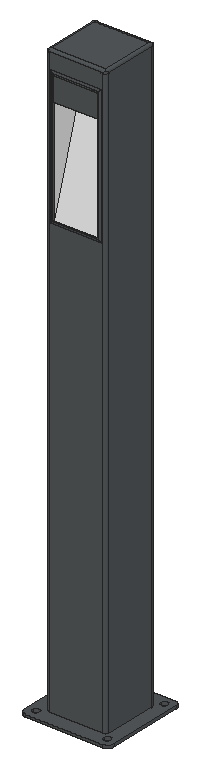
Revit family "svetilnik_alfresco_ar deko_dtu19", category Lighting Fixtures, Revit 2016 (continued)
Definition of nested family "Источник света Ар_Деко"
  Types (5, lengths in mm): name | Photometric Web File | built-in parameter 1150142
             0.2       0.2       0.1       0.1       0.1\r\n       0.2       0.3       0.3       0.2       0.2       0.2       0.9      18.6\r\n      64.3     124.3     163.7     200.8     230.4     264.2     300.1     344.6\r\n     398.3     457.3     476.3     480.9     480.4     479.9     480.4     480.0\r\n     476.7     473.6     471.9     468.2     468.4     467.0     463.8     462.0\r\n     462.5     459.5     455.3     452.7     446.4     443.4     441.4     438.4\r\n     433.6     429.2     429.6     424.7     415.7     409.0     404.3     399.5\r\n     392.6     385.3     377.4     362.8     340.2     311.1     282.3     265.5\r\n     251.1     233.7     220.5     209.4     194.9     179.6     165.0     155.1\r\n     139.2     124.2     116.9     104.3      88.7      75.3      57.4      49.3\r\n      36.6      23.3       7.2       1.0       0.2       0.2       0.2       0.2\r\n       0.2       0.2       0.2       0.2       0.2       0.2       0.2       0.2\r\n       0.2       0.2       0.2       0.2       0.2       0.2       0.2       0.2\r\n       0.2       0.2       0.2       0.2       0.2       0.2       0.2       0.2\r\n       0.2       0.2       0.2       0.2       0.2       0.2       0.2       0.2\r\n       0.2       0.2       0.2       0.2       0.2       0.2       0.2       0.2\r\n       0.2       0.2       0.2       0.2       0.2       0.2       0.2       0.2\r\n       0.2       0.2       0.2       0.2       0.2       0.2       0.2       0.2\r\n       0.2       0.2       0.2       0.2       0.2       0.2       0.2       0.2\r\n       0.2       0.2       0.2       0.2       0.2       0.2       0.2       0.2\r\n       0.2       0.2       0.2       0.2       0.2       0.2       0.2       0.2\r\n       0.2       0.2       0.2       0.2       0.1       0.1       0.1       0.1\r\n       0.1       0.1       0.0       0.0       0.0\r\n       0.0       0.0       0.3       0.2       0.2       0.1       0.1       0.1\r\n       0.2       0.3       0.3       0.2       0.2       0.2       0.3       5.4\r\n      33.1      93.3     140.0     176.2     209.2     234.4     260.1     292.9\r\n     329.4     376.3     418.5     437.1     441.8     440.5     437.0     436.4\r\n     441.4     439.0     435.4     434.5     430.6     432.0     430.7     426.2\r\n     422.5     418.1     415.6     412.6     411.2     408.5     404.8     404.8\r\n     401.0     395.1     388.3     381.7     380.5     374.6     367.3     361.6\r\n     357.3     350.0     344.4     336.3     321.7     300.2     271.0     246.0\r\n     228.8     213.1     195.7     179.8     171.8     156.6     144.2     134.2\r\n     124.3     110.5      98.4      88.7      73.7      62.3      51.2      43.1\r\n      33.0      20.4       9.4       1.3       0.2       0.2       0.2       0.2\r\n       0.2       0.2       0.2       0.2       0.2       0.2       0.2       0.2\r\n       0.2       0.2       0.2       0.2       0.2       0.2       0.2       0.2\r\n       0.2       0.2       0.2       0.2       0.2       0.2       0.2       0.2\r\n       0.2       0.2       0.2       0.2       0.2       0.2       0.2       0.2\r\n       0.2       0.2       0.2       0.2       0.2       0.2       0.2       0.2\r\n       0.2       0.2       0.2       0.2       0.2       0.2       0.2       0.2\r\n       0.2       0.2       0.2       0.2       0.2       0.2       0.2       0.2\r\n       0.2       0.2       0.2       0.2       0.2       0.2       0.2       0.2\r\n       0.2       0.2       0.2       0.2       0.2       0.2       0.2       0.2\r\n       0.2       0.2       0.2       0.2       0.2       0.2       0.2       0.2\r\n       0.2       0.2       0.2       0.2       0.1       0.1       0.1       0.1\r\n       0.1       0.1       0.0       0.0       0.0\r\n       0.0       0.0       0.3       0.1       0.2       0.1       0.1       0.1\r\n       0.2       0.3       0.3       0.2       0.2       0.2       0.2       1.3\r\n      12.0      53.9     107.3     150.6     180.5     203.1     224.9     248.8\r\n     275.1     306.4     340.6     381.8     390.2     392.9     394.5     395.5\r\n     393.8     393.6     394.3     394.4     393.4     392.3     391.2     387.8\r\n     388.4     385.5     383.4     381.0     374.7     371.7     367.0     359.5\r\n     357.2     354.1     348.3     344.5     340.7     337.6     332.3     324.6\r\n     316.3     311.1     305.4     298.2     292.2     279.6     256.2     229.9\r\n     206.2     190.8     177.5     160.0     147.7     139.1     124.7     111.5\r\n     103.3      92.9      82.5      75.1      67.1      55.7      44.8      35.5\r\n      29.8      19.2       8.9       1.0       0.2       0.2       0.2       0.2\r\n       0.2       0.2       0.2       0.2       0.2       0.2       0.2       0.2\r\n       0.2       0.2       0.2       0.2       0.2       0.2       0.2       0.2\r\n       0.2       0.2       0.2       0.2       0.2       0.2       0.2       0.2\r\n       0.2       0.2       0.2       0.2       0.2       0.2       0.2       0.2\r\n       0.2       0.2       0.2       0.2       0.2       0.2       0.2       0.2\r\n       0.2       0.2       0.2       0.2       0.2       0.2       0.2       0.2\r\n       0.2       0.2       0.2       0.2       0.2       0.2       0.2       0.2\r\n       0.2       0.2       0.2       0.2       0.2       0.2       0.2       0.2\r\n       0.2       0.2       0.2       0.2       0.2       0.2       0.2       0.2\r\n       0.2       0.2       0.2       0.2       0.2       0.2       0.2       0.2\r\n       0.2       0.2       0.2       0.2       0.1       0.1       0.1       0.1\r\n       0.1       0.1       0.0       0.0       0.0\r\n       0.0       0.0       0.2       0.1       0.2       0.1       0.1       0.1\r\n       0.2       0.3       0.3       0.2       0.2       0.2       0.2       0.4\r\n       2.7      21.8      61.9     119.1     150.9     174.8     199.0     218.7\r\n     241.6     271.2     298.0     327.0     345.1     357.2     361.2     359.9\r\n     356.8     359.4     360.9     359.2     356.4     356.5     352.2     352.7\r\n     351.6     346.7     345.3     343.2     341.4     336.0     331.6     330.5\r\n     326.7     323.6     319.4     314.3     310.3     305.0     300.7     295.0\r\n     291.4     286.2     281.7     277.5     270.7     263.2     252.3     230.9\r\n     203.4     178.5     162.6     150.4     135.9     125.5     116.1     103.9\r\n      92.8      86.4      75.7      66.0      60.1      50.5      41.5      31.8\r\n      25.5      17.4       7.2       0.5       0.2       0.2       0.2       0.2\r\n       0.2       0.2       0.2       0.2       0.2       0.2       0.2       0.2\r\n       0.2       0.2       0.2       0.2       0.2       0.2       0.2       0.2\r\n       0.2       0.2       0.2       0.2       0.2       0.2       0.2       0.2\r\n       0.2       0.2       0.2       0.2       0.2       0.2       0.2       0.2\r\n       0.2       0.2       0.2       0.2       0.2       0.2       0.2       0.2\r\n       0.2       0.2       0.2       0.2       0.2       0.2       0.2       0.2\r\n       0.2       0.2       0.2       0.2       0.2       0.2       0.2       0.2\r\n       0.2       0.2       0.2       0.2       0.2       0.2       0.2       0.2\r\n       0.2       0.2       0.2       0.2       0.2       0.2       0.2       0.2\r\n       0.2       0.2       0.2       0.2       0.2       0.2       0.2       0.2\r\n       0.2       0.2       0.2       0.2       0.1       0.1       0.1       0.1\r\n       0.1       0.1       0.0       0.0       0.0\r\n       0.0       0.0       0.2       0.1       0.2       0.1       0.1       0.1\r\n       0.2       0.3       0.3       0.2       0.2       0.2       0.2       0.3\r\n       0.5       6.2      24.7      71.4     113.4     143.0     167.0     188.5\r\n     207.8     232.7     253.2     275.6     290.2     320.6     327.5     326.3\r\n     325.1     322.7     323.3     324.1     323.8     323.4     322.2     318.9\r\n     316.5     317.5     312.1     311.0     309.5     304.9     302.4     299.0\r\n     296.6     293.9     290.8     287.1     282.3     276.4     271.9     269.6\r\n     263.5     258.6     253.0     246.6     240.9     234.2     227.4     217.1\r\n     201.3     176.6     153.0     136.8     125.6     114.7     105.7      97.7\r\n      86.7      77.5      71.8      61.8      52.9      46.9      37.6      28.6\r\n      20.8      15.3       7.9       1.4       0.4       0.2       0.2       0.2\r\n       0.2       0.2       0.2       0.2       0.2       0.2       0.2       0.2\r\n       0.2       0.2       0.2       0.2       0.2       0.2       0.2       0.2\r\n       0.2       0.2       0.2       0.2       0.2       0.2       0.2       0.2\r\n       0.2       0.2       0.2       0.2       0.2       0.2       0.2       0.2\r\n       0.2       0.2       0.2       0.2       0.2       0.2       0.2       0.2\r\n       0.2       0.2       0.2       0.2       0.2       0.2       0.2       0.2\r\n       0.2       0.2       0.2       0.2       0.2       0.2       0.2       0.2\r\n       0.2       0.2       0.2       0.2       0.2       0.2       0.2       0.2\r\n       0.2       0.2       0.2       0.2       0.2       0.2       0.2       0.2\r\n       0.2       0.2       0.2       0.2       0.2       0.2       0.2       0.2\r\n       0.2       0.2       0.2       0.2       0.1       0.1       0.1       0.1\r\n       0.1       0.1       0.0       0.0       0.0\r\n       0.0       0.0       0.2       0.1       0.2       0.1       0.1       0.1\r\n       0.2       0.3       0.3       0.2       0.2       0.2       0.2       0.2\r\n       0.2       1.3       6.2      26.9      64.2      98.8     124.6     146.8\r\n     170.4     192.0     209.9     231.7     246.4     259.3     281.1     297.6\r\n     302.1     301.5     298.3     295.5     294.6     292.8     290.9     290.0\r\n     287.7     283.3     279.6     276.1     276.7     275.4     271.3     269.6\r\n     264.1     261.3     259.9     255.9     252.6     249.4     244.6     240.2\r\n     235.0     230.4     225.5     221.3     216.0     210.4     205.2     199.0\r\n     191.3     175.7     154.8     131.1     115.9     104.6      94.9      86.8\r\n      79.3      69.7      62.4      55.3      46.8      40.2      33.5      24.4\r\n      17.7      14.5       8.8       2.3       0.3       0.2       0.2       0.2\r\n       0.2       0.2       0.2       0.2       0.2       0.2       0.2       0.2\r\n       0.2       0.2       0.2       0.2       0.2       0.2       0.2       0.2\r\n       0.2       0.2       0.2       0.2       0.2       0.2       0.2       0.2\r\n       0.2       0.2       0.2       0.2       0.2       0.2       0.2       0.2\r\n       0.2       0.2       0.2       0.2       0.2       0.2       0.2       0.2\r\n       0.2       0.2       0.2       0.2       0.2       0.2       0.2       0.2\r\n       0.2       0.2       0.2       0.2       0.2       0.2       0.2       0.2\r\n       0.2       0.2       0.2       0.2       0.2       0.2       0.2       0.2\r\n       0.2       0.2       0.2       0.2       0.2       0.2       0.2       0.2\r\n       0.2       0.2       0.2       0.2       0.2       0.2       0.2       0.2\r\n       0.2       0.2       0.2       0.2       0.1       0.1       0.1       0.1\r\n       0.1       0.1       0.0       0.0       0.0\r\n       0.0       0.0       0.2       0.1       0.2       0.1       0.1       0.1\r\n       0.2       0.3       0.3       0.2       0.2       0.2       0.2       0.2\r\n       0.2       0.3       0.9       6.2      25.3      53.4      78.7     101.5\r\n     120.8     139.0     154.0     166.3     184.3     202.3     219.1     242.6\r\n     265.5     266.8     266.7     267.6     265.1     260.7     259.5     257.2\r\n     252.9     251.9     249.1     245.6     241.0     240.2     237.0     234.2\r\n     230.4     225.9     223.1     220.8     216.6     215.2     210.2     208.4\r\n     205.5     200.8     197.1     192.1     187.8     183.4     179.6     174.4\r\n     169.8     164.0     153.8     138.1     118.9     104.0      93.9      83.3\r\n      74.7      67.5      58.4      51.9      44.6      37.6      31.8      26.1\r\n      20.1      15.2      10.8       5.7       1.1       0.2       0.2       0.2\r\n       0.2       0.2       0.2       0.2       0.2       0.2       0.2       0.2\r\n       0.2       0.2       0.2       0.2       0.2       0.2       0.2       0.2\r\n       0.2       0.2       0.2       0.2       0.2       0.2       0.2       0.2\r\n       0.2       0.2       0.2       0.2       0.2       0.2       0.2       0.2\r\n       0.2       0.2       0.2       0.2       0.2       0.2       0.2       0.2\r\n       0.2       0.2       0.2       0.2       0.2       0.2       0.2       0.2\r\n       0.2       0.2       0.2       0.2       0.2       0.2       0.2       0.2\r\n       0.2       0.2       0.2       0.2       0.2       0.2       0.2       0.2\r\n       0.2       0.2       0.2       0.2       0.2       0.2       0.2       0.2\r\n       0.2       0.2       0.2       0.2       0.2       0.2       0.2       0.2\r\n       0.2       0.2       0.2       0.2       0.1       0.1       0.1       0.1\r\n       0.1       0.1       0.0       0.0       0.0\r\n       0.0       0.0       0.2       0.1       0.2       0.1       0.1       0.1\r\n       0.2       0.3       0.3       0.2       0.2       0.2       0.2       0.2\r\n       0.2       0.2       0.3       1.0       5.7      15.4      33.4      55.7\r\n      76.1      91.4     101.3     110.0     123.4     134.0     147.0     167.2\r\n     182.8     210.0     224.3     230.4     232.1     230.1     226.7     223.2\r\n     222.4     220.5     218.8     215.4     212.3     208.9     205.1     200.5\r\n     198.6     196.2     191.3     188.5     185.6     181.3     178.8     173.3\r\n     168.5     165.9     162.4     157.7     154.8     152.3     147.2     143.0\r\n     138.7     133.4     127.8     119.8     107.4      94.1      82.9      75.2\r\n      66.0      59.5      53.5      45.8      41.6      34.8      30.1      24.8\r\n      19.5      14.1      10.1       5.6       1.6       0.2       0.2       0.2\r\n       0.2       0.2       0.2       0.2       0.2       0.2       0.2       0.2\r\n       0.2       0.2       0.2       0.2       0.2       0.2       0.2       0.2\r\n       0.2       0.2       0.2       0.2       0.2       0.2       0.2       0.2\r\n       0.2       0.2       0.2       0.2       0.2       0.2       0.2       0.2\r\n       0.2       0.2       0.2       0.2       0.2       0.2       0.2       0.2\r\n       0.2       0.2       0.2       0.2       0.2       0.2       0.2       0.2\r\n       0.2       0.2       0.2       0.2       0.2       0.2       0.2       0.2\r\n       0.2       0.2       0.2       0.2       0.2       0.2       0.2       0.2\r\n       0.2       0.2       0.2       0.2       0.2       0.2       0.2       0.2\r\n       0.2       0.2       0.2       0.2       0.2       0.2       0.2       0.2\r\n       0.2       0.1       0.2       0.2       0.1       0.1       0.1       0.1\r\n       0.1       0.1       0.0       0.0       0.0\r\n       0.0       0.0       0.2       0.1       0.1       0.1       0.1       0.1\r\n       0.2       0.3       0.2       0.2       0.2       0.2       0.2       0.2\r\n       0.2       0.2       0.2       0.3       0.7       1.9       8.6      20.7\r\n      38.2      53.6      69.1      78.4      89.4      99.3     108.2     124.7\r\n     139.2     150.6     170.2     187.4     196.5     201.1     201.3     202.0\r\n     198.9     196.5     193.8     190.7     189.6     186.4     184.1     182.6\r\n     179.8     175.9     173.3     170.4     166.8     164.8     162.5     159.8\r\n     157.0     152.6     148.6     145.2     140.9     137.2     133.5     129.4\r\n     125.3     120.6     115.8     111.9     107.1      97.6      86.5      75.2\r\n      67.2      60.0      53.7      48.2      41.8      36.3      31.4      25.8\r\n      21.4      16.1      11.7       8.2       3.2       0.6       0.2       0.2\r\n       0.2       0.2       0.2       0.2       0.2       0.2       0.2       0.2\r\n       0.2       0.2       0.2       0.2       0.2       0.2       0.2       0.2\r\n       0.2       0.2       0.2       0.2       0.2       0.2       0.2       0.2\r\n       0.2       0.2       0.2    
         0.2       0.2       0.2       0.2       0.2\r\n       0.2       0.2       0.2       0.2       0.2       0.2       0.2       0.2\r\n       0.2       0.2       0.2       0.2       0.2       0.2       0.2       0.2\r\n       0.2       0.2       0.2       0.2       0.2       0.2       0.2       0.2\r\n       0.2       0.2       0.2       0.2       0.2       0.2       0.2       0.2\r\n       0.2       0.2       0.2       0.2       0.2       0.2       0.2       0.2\r\n       0.2       0.2       0.2       0.2       0.2       0.2       0.2       0.2\r\n       0.2       0.1       0.1       0.2       0.1       0.1       0.1       0.1\r\n       0.1       0.1       0.0       0.0       0.0\r\n       0.0       0.0       0.2       0.1       0.1       0.1       0.1       0.1\r\n       0.2       0.3       0.2       0.2       0.2       0.2       0.2       0.2\r\n       0.2       0.2       0.2       0.2       0.2       0.3       1.3       3.6\r\n      10.0      17.1      40.0      56.4      68.6      79.0      87.5      97.4\r\n     107.3     118.9     132.1     141.1     157.2     173.8     181.2     191.7\r\n     190.9     190.7     187.8     187.4     184.6     182.9     180.9     176.5\r\n     173.2     170.9     168.8     166.4     163.0     160.2     156.6     153.7\r\n     149.8     145.1     141.7     138.6     135.2     131.5     127.0     123.0\r\n     118.3     114.2     109.5     105.5     101.3      96.5      89.5      79.0\r\n      67.9      58.9      52.7      46.2      40.9      34.4      29.9      23.7\r\n      20.6      15.8      11.1       7.6       3.5       0.5       0.2       0.2\r\n       0.2       0.2       0.2       0.2       0.2       0.2       0.2       0.2\r\n       0.2       0.2       0.2       0.2       0.2       0.2       0.2       0.2\r\n       0.2       0.2       0.2       0.2       0.2       0.2       0.2       0.2\r\n       0.2       0.2       0.2       0.2       0.2       0.2       0.2       0.2\r\n       0.2       0.2       0.2       0.2       0.2       0.2       0.2       0.2\r\n       0.2       0.2       0.2       0.2       0.2       0.2       0.2       0.2\r\n       0.2       0.2       0.2       0.2       0.2       0.2       0.2       0.2\r\n       0.2       0.2       0.2       0.2       0.2       0.2       0.2       0.2\r\n       0.2       0.2       0.2       0.2       0.2       0.2       0.2       0.2\r\n       0.2       0.2       0.2       0.2       0.2       0.2       0.2       0.2\r\n       0.2       0.1       0.1       0.2       0.1       0.1       0.1       0.1\r\n       0.1       0.1       0.0       0.0       0.0\r\n       0.0       0.0       0.2       0.1       0.1       0.1       0.1       0.1\r\n       0.2       0.3       0.2       0.2       0.2       0.2       0.2       0.2\r\n       0.2       0.2       0.2       0.2       0.2       0.2       0.3       0.3\r\n       1.2       3.5      10.6      18.6      38.5      49.6      59.8      69.8\r\n      81.6      92.1     100.2     110.6     122.2     135.2     152.3     162.8\r\n     169.4     176.4     182.5     181.1     180.5     177.5     174.8     173.6\r\n     170.0     166.8     162.3     157.9     154.0     150.7     148.2     144.8\r\n     140.2     135.8     132.5     129.1     125.9     122.0     117.4     113.3\r\n     109.1     104.7     100.7      96.8      92.7      88.3      83.3      78.3\r\n      71.0      61.1      51.7      44.9      38.4      33.5      27.6      24.0\r\n      19.0      15.7      11.3       7.5       4.7       1.7       0.4       0.2\r\n       0.2       0.2       0.2       0.2       0.2       0.2       0.2       0.2\r\n       0.2       0.2       0.2       0.2       0.2       0.2       0.2       0.2\r\n       0.2       0.2       0.2       0.2       0.2       0.2       0.2       0.2\r\n       0.2       0.2       0.2       0.2       0.2       0.2       0.2       0.2\r\n       0.2       0.2       0.2       0.2       0.2       0.2       0.2       0.2\r\n       0.2       0.2       0.2       0.2       0.2       0.2       0.2       0.2\r\n       0.2       0.2       0.2       0.2       0.2       0.2       0.2       0.2\r\n       0.2       0.2       0.2       0.2       0.2       0.2       0.2       0.2\r\n       0.2       0.2       0.2       0.2       0.2       0.2       0.2       0.2\r\n       0.2       0.2       0.2       0.2       0.2       0.2       0.2       0.2\r\n       0.2       0.1       0.1       0.2       0.1       0.1       0.1       0.1\r\n       0.1       0.1       0.0       0.0       0.0\r\n       0.0       0.0       0.2       0.1       0.1       0.1       0.1       0.1\r\n       0.2       0.3       0.2       0.2       0.2       0.2       0.2       0.2\r\n       0.2       0.2       0.2       0.2       0.2       0.2       0.2       0.2\r\n       0.2       0.6       1.2       2.3       6.1      21.1      31.6      40.6\r\n      54.9      66.2      76.5      82.7      90.2      99.3     108.0     114.3\r\n     116.9     126.4     129.4     127.7     125.0     123.2     119.6     117.0\r\n     115.0     113.8     111.1     110.3     111.3     111.6     110.2     108.3\r\n     106.7     105.5     103.0     100.2      97.3      94.0      91.5      88.4\r\n      85.1      81.9      78.8      75.6      71.8      68.2      64.4      60.2\r\n      56.2      50.2      42.6      34.2      27.7      23.3      19.6      15.3\r\n      12.3       9.0       6.6       3.9       2.2       0.6       0.2       0.2\r\n       0.2       0.2       0.2       0.2       0.2       0.2       0.2       0.2\r\n       0.2       0.2       0.2       0.2       0.2       0.2       0.2       0.2\r\n       0.2       0.2       0.2       0.2       0.2       0.2       0.2       0.2\r\n       0.2       0.2       0.2       0.2       0.2       0.2       0.2       0.2\r\n       0.2       0.2       0.2       0.2       0.2       0.2       0.2       0.2\r\n       0.2       0.2       0.2       0.2       0.2       0.2       0.2       0.2\r\n       0.2       0.2       0.2       0.2       0.2       0.2       0.2       0.2\r\n       0.2       0.2       0.2       0.2       0.2       0.2       0.2       0.2\r\n       0.2       0.2       0.2       0.2       0.2       0.2       0.2       0.2\r\n       0.2       0.2       0.2       0.2       0.2       0.2       0.2       0.2\r\n       0.2       0.1       0.1       0.2       0.1       0.1       0.1       0.1\r\n       0.1       0.1       0.0       0.0       0.0\r\n       0.0       0.0       0.2       0.1       0.1       0.1       0.1       0.1\r\n       0.2       0.3       0.2       0.2       0.2       0.2       0.2       0.2\r\n       0.2       0.2       0.2       0.2       0.2       0.2       0.2       0.2\r\n       0.2       0.2       0.2       0.2       0.4       2.5       3.7      10.9\r\n      18.7      24.8      39.3      54.0      61.9      70.8      74.3      78.5\r\n      82.3      87.6      89.2      88.3      87.5      84.5      82.3      80.1\r\n      77.8      76.9      75.9      74.6      72.8      71.9      70.8      68.9\r\n      66.6      65.0      63.5      62.7      61.3      59.3      57.7      55.9\r\n      54.1      52.6      50.3      47.7      45.3      43.3      41.0      38.1\r\n      35.3      32.8      30.2      26.3      20.0      14.6      10.6       7.4\r\n       5.3       3.4       2.0       1.2       0.4       0.2       0.2       0.2\r\n       0.2       0.2       0.2       0.2       0.2       0.2       0.2       0.2\r\n       0.2       0.2       0.2       0.2       0.2       0.2       0.2       0.2\r\n       0.2       0.2       0.2       0.2       0.2       0.2       0.2       0.2\r\n       0.2       0.2       0.2       0.2       0.2       0.2       0.2       0.2\r\n       0.2       0.2       0.2       0.2       0.2       0.2       0.2       0.2\r\n       0.2       0.2       0.2       0.2       0.2       0.2       0.2       0.2\r\n       0.2       0.2       0.2       0.2       0.2       0.2       0.2       0.2\r\n       0.2       0.2       0.2       0.2       0.2       0.2       0.2       0.2\r\n       0.2       0.2       0.2       0.2       0.2       0.2       0.2       0.2\r\n       0.3       0.3       0.2       0.2       0.2       0.2       0.2       0.2\r\n       0.2       0.1       0.1       0.2       0.1       0.1       0.1       0.1\r\n       0.1       0.1       0.0       0.0       0.0\r\n       0.0       0.0       0.2       0.1       0.1       0.1       0.1       0.1\r\n       0.2       0.3       0.2       0.2       0.2       0.2       0.2       0.2\r\n       0.2       0.2       0.2       0.2       0.2       0.2       0.2       0.2\r\n       0.2       0.2       0.2       0.2       0.2       0.2       0.2       1.0\r\n       1.7       5.4      10.8      10.5      17.5      38.3      42.5      44.2\r\n      46.3      48.2      49.8      48.8      45.9      44.1      42.7      42.3\r\n      43.4      43.0      42.0      41.2      41.0      40.0      39.1      38.4\r\n      38.4      39.1      39.1      37.9      36.7      35.9      34.6      33.2\r\n      31.7      30.2      28.7      26.7      25.1      23.7      22.3      20.9\r\n      19.5      18.3      17.2      15.9      14.3      10.5       5.3       3.4\r\n       2.3       1.2       0.5       0.3       0.2       0.2       0.2       0.2\r\n       0.2       0.2       0.2       0.2       0.2       0.2       0.2       0.2\r\n       0.2       0.2       0.2       0.2       0.2       0.2       0.2       0.2\r\n       0.2       0.2       0.2       0.2       0.2       0.2       0.2       0.2\r\n       0.2       0.2       0.2       0.2       0.2       0.2       0.2       0.2\r\n       0.2       0.2       0.2       0.2       0.2       0.2       0.2       0.2\r\n       0.2       0.2       0.2       0.2       0.2       0.2       0.2       0.2\r\n       0.2       0.2       0.2       0.2       0.2       0.2       0.2       0.2\r\n       0.2       0.2       0.2       0.2       0.2       0.2       0.2       0.2\r\n       0.2       0.2       0.2       0.2       0.2       0.2       0.2       0.2\r\n       0.3       0.3       0.2       0.2       0.2       0.2       0.2       0.2\r\n       0.2       0.1       0.1       0.2       0.1       0.1       0.1       0.1\r\n       0.1       0.1       0.0       0.0       0.0\r\n       0.0       0.0       0.2       0.1       0.1       0.1       0.1       0.1\r\n       0.2       0.3       0.2       0.2       0.2       0.2       0.2       0.2\r\n       0.2       0.2       0.2       0.2       0.2       0.2       0.2       0.2\r\n       0.2       0.2       0.2       0.2       0.2       0.2       0.2       0.2\r\n       0.2       0.5       0.9       0.7       1.6       2.6       3.1       2.1\r\n       2.4       3.3       4.8       6.5       8.1       9.6      11.1      12.3\r\n      13.3      13.0      13.1      11.9      10.3       8.4       7.4       7.0\r\n       6.7       5.6       4.5       3.9       3.7       3.6       3.3       2.7\r\n       2.2       1.6       1.0       0.7       0.4       0.4       0.4       0.4\r\n       0.4       0.5       0.5       0.5       0.6       0.5       0.5       0.3\r\n       0.2       0.2       0.2       0.2       0.2       0.2       0.2       0.2\r\n       0.2       0.2       0.2       0.2       0.2       0.2       0.2       0.2\r\n       0.2       0.2       0.2       0.2       0.2       0.2       0.2       0.2\r\n       0.2       0.2       0.2       0.2       0.2       0.2       0.2       0.2\r\n       0.2       0.2       0.2       0.2       0.2       0.2       0.2       0.2\r\n       0.2       0.2       0.2       0.2       0.2       0.2       0.2       0.2\r\n       0.2       0.2       0.2       0.2       0.2       0.2       0.2       0.2\r\n       0.2       0.2       0.2       0.2       0.2       0.2       0.2       0.2\r\n       0.2       0.2       0.2       0.2       0.2       0.2       0.2       0.2\r\n       0.2       0.2       0.2       0.2       0.2       0.2       0.2       0.2\r\n       0.2       0.2       0.2       0.2       0.2       0.2       0.2       0.2\r\n       0.2       0.1       0.1       0.1       0.1       0.1       0.1       0.1\r\n       0.1       0.1       0.0       0.0       0.0\r\n       0.0       0.0       0.2       0.1       0.1       0.1       0.1       0.1\r\n       0.2       0.3       0.2       0.2       0.2       0.2       0.2       0.2\r\n       0.2       0.2       0.2       0.2       0.2       0.2       0.2       0.2\r\n       0.2       0.2       0.2       0.2       0.2       0.2       0.2       0.2\r\n       0.2       0.2       0.2       0.2       0.2       0.2       0.3       0.2\r\n       0.2       0.2       0.3       0.3       0.4       0.4       0.4       0.4\r\n       0.4       0.3       0.3       0.3       0.3       0.3       0.3       0.3\r\n       0.2       0.2       0.2       0.2       0.2       0.2       0.2       0.2\r\n       0.2       0.2       0.2       0.2       0.2       0.2       0.2       0.2\r\n       0.2       0.2       0.2       0.2       0.2       0.2       0.2       0.2\r\n       0.2       0.2       0.2       0.2       0.2       0.2       0.2       0.2\r\n       0.2       0.2       0.2       0.2       0.2       0.2       0.2       0.2\r\n       0.2       0.2       0.2       0.2       0.2       0.2       0.2       0.2\r\n       0.2       0.2       0.2       0.2       0.2       0.2       0.2       0.2\r\n       0.2       0.2       0.2       0.2       0.2       0.2       0.2       0.2\r\n       0.2       0.2       0.2       0.2       0.2       0.2       0.2       0.2\r\n       0.2       0.2       0.2       0.2       0.2       0.2       0.2       0.2\r\n       0.2       0.2       0.2       0.2       0.2       0.2       0.2       0.2\r\n       0.2       0.2       0.2       0.2       0.2       0.2       0.2       0.2\r\n       0.2       0.2       0.2       0.2       0.2       0.2       0.2       0.2\r\n       0.2       0.2       0.2       0.2       0.2       0.2       0.2       0.2\r\n       0.2       0.1       0.1       0.1       0.1       0.1       0.1       0.1\r\n       0.1       0.1       0.0       0.0       0.0\r\n       0.0       0.0       0.1       0.1       0.1       0.1       0.1       0.1\r\n       0.2       0.3       0.2       0.2       0.2       0.2       0.2       0.2\r\n       0.2       0.2       0.2       0.2       0.2       0.2       0.2       0.2\r\n       0.2       0.2       0.2       0.2       0.2       0.2       0.2       0.2\r\n       0.2       0.2       0.2       0.2       0.2       0.2       0.2       0.2\r\n       0.2       0.2       0.2       0.2       0.2       0.2       0.2       0.2\r\n       0.2       0.2       0.2       0.2       0.2       0.2       0.2       0.2\r\n       0.2       0.2       0.2       0.2       0.2       0.2       0.2       0.2\r\n       0.2       0.2       0.2       0.2       0.2       0.2       0.2       0.2\r\n       0.2       0.2       0.2       0.2       0.2       0.2       0.2       0.2\r\n       0.2       0.2       0.2       0.2       0.2       0.2       0.2       0.2\r\n       0.2       0.2       0.2       0.2       0.2       0.2       0.2       0.2\r\n       0.2       0.2       0.2       0.2       0.2       0.2       0.2       0.2\r\n       0.2       0.2       0.2       0.2       0.2       0.2       0.2       0.2\r\n       0.2       0.2       0.2       0.2       0.2       0.2       0.2       0.2\r\n       0.2       0.2       0.2       0.2       0.2       0.2       0.2       0.2\r\n       0.2       0.2       0.2       0.2       0.2       0.2       0.2       0.2\r\n       0.2       0.2       0.2       0.2       0.2       0.2       0.2       0.2\r\n       0.2       0.2       0.2       0.2       0.2       0.2       0.2       0.2\r\n       0.2       0.2       0.2       0.2       0.2       0.2       0.2       0.2\r\n       0.2       0.2       0.2       0.2       0.2       0.2       0.2       0.2\r\n       0.2       0.1       0.1       0.1       0.1       0.1       0.1       0.1\r\n       0.1       0.1       0.0       0.0       0.0\r\n       0.0       0.0       0.1       0.1       0.1       0.1       0.1       0.1\r\n       0.2       0.3       0.2       0.2       0.2       0.2       0.2       0.2\r\n       0.2       0.2       0.2       0.2       0.2       0.2       0.2       0.2\r\n       0.2       0.2       0.2       0.2       0.2       0.2       0.2       0.2\r\n       0.2       0.2       0.2       0.2       0.2       0.2       0.2       0.2\r\n       0.2       0.2       0.2       0.2       0.2       0.2       0
